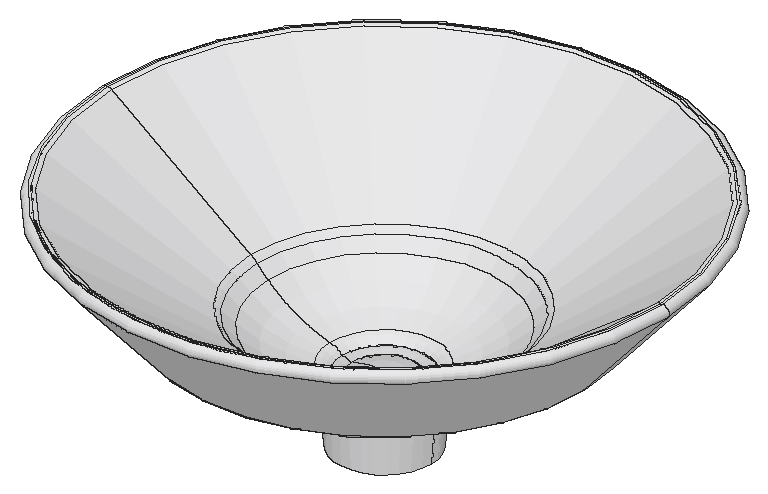
Revit family "Sink-Vessel-Lavatory-KOHLER-Conical_Bell-K-2200LM_2", category Plumbing Fixtures, host Face, Revit 2017
Family settings
  Host = Face
  Round Connector Dimension = Use Diameter
  Part Type = Normal
  OmniClass Number = 23.31.13.00
  OmniClass Title = Sinks
  Cut with Voids When Loaded = No
  Shared = No
  Room Calculation Point = No
Parameters (values of type "Glazed Underside, 0-White")
  Width = 16 7/32"  # constant formula
  WaterSense Certified = 1 = 0  # no
  Waste Water Outlet = "Waste Water Outlet"  # constant formula
  Waste Connection = 1 = 1  # yes
  Vent Connection = 1 = 0  # no
  URL = "https://la.kohler.com/es"
  Type = 1
  Product Page URL = "https://la.kohler.com/en/product-detail/2200lm-g?skuid=K-2200LM-G-0"
  Product Name = "Conical Bell"  # constant formula
  Product Documentation Link = "http://resources.kohler.com/plumbing/kohlerla/pdf/K-2200-G_spec.pdf"
  Model = "K-2200LM-G-0"  # constant formula
  Material = "Vitreous China"  # constant formula
  Master Format 2014 Name = "Residential Lavatories and Sinks"  # constant formula
  Master Format 2014 = "22 41 16"  # constant formula
  Manufacturer Address = "KOHLER Co. 444 Highland Dr.Kohler, WI 53044"  # constant formula
  Manufacturer = "KOHLER Co."  # constant formula
  Length = 16 7/32"  # constant formula
  Hot Water Inlet = "Hot Water Inlet"  # constant formula
  Height = 6 97/256"  # constant formula
  HW Connection = 1 = 0  # no
  Finish = Kohler-Vitreous_China-0-White
  Environmental Product Declaration = ""
  Drain Included = 1 = 0  # no
  Description = "Vessel or wall-mount bathroom sink with glazed underside"  # constant formula
  Default Elevation = 36"
  Declare Label = ""
  Date Modified = "07/06/2020"  # constant formula
  Date Created = "07/06/2020"  # constant formula
  Copyright = "Copyright KOHLER Co."  # constant formula
  Contact Us = "https://la.kohler.com/es/contact-us-page"
  Cold Water Inlet = "Cold Water Inlet"  # constant formula
  CW Connection = 1 = 0  # no
  Assembly Code = "D2010400"
  ADA Compliant = 1 = 1  # yes
Reference planes (in)
  plane 1 "Center (Front/Back)": y = 0
  plane 2: z = 0
  plane 3 "Center (Left/Right)": x = 0
  plane 4: x = -8.11024
  plane 5: x = 8.10851
  plane 6: y = 8.11024
  plane 7: y = -8.10851
  plane 8: z = 2.99213
  plane 9: z = -3.38678
  plane 10: y = 10
Forms (in)
  Extrusion 1, void
    sketch origin (0, 0, 0) x (1, 0, 0) y (0, 1, 0)
      loop
        circle (0, 0) r 4.92126
    from -3.38583 to 0
Dimensions and locks (in)
  "Height": plane 8 to plane 9
  plane 8 to plane 2 = 2.99213"
  "Width": plane 4 to plane 5
  "Length": plane 7 to plane 6
  plane 10 to plane 1 "Center (Front/Back)" = 10"
  aligned and locked: plane 2 to host face
  aligned and locked: level to host face
Automatic sketch dimensions
  host sketch curve to host sketch curve = 96"  (x2)
  plane 1 "Center (Front/Back)" to Extrusion 1 sketch curve = 0"
  Extrusion 1 sketch curve to plane 3 "Center (Left/Right)" = 0"
  radius of Extrusion 1 sketch curve = 4.92126"
Nested families (in)
  nested 1: "K-2200LM" at (0, 0, -3.38583), type "K-2200LM"
Connectors (in)
  piping at (0, 0, -3.38583), diameter 1.25, driven by "Waste Connection", driven by "Waste Water Outlet"
    settings: on nested 1, index 1, connector inside diameter 24", connector length 0", flow factor 0, pipe flow 0 GPM, pressure drop 0.00 psi, fitting loss kfactor 0, connector angle 0.00°, fixture units 0, engagement length 0", angle of deflection 0.00°, flow configuration 0, flow direction 2, fitting loss method 0, system type 16, joint type 0, gender type 0, connector reference index -1, connector utility 1, adjustable connector no, is connector primary yes, connector description "Waste Water Outlet"
Definition of nested family "K-2200LM"
  Parameters (values of type "K-2200LM")
    Material = none
  Reference planes (in)
    plane 1 "Center (Front/Back)": y = 0
    plane 2: z = 0
    plane 3 "Center (Left/Right)": x = 0
    plane 4: y = 8.11024
    plane 5: y = -8.11024
    plane 6: x = 8.11024
    plane 7: x = -8.11024
    plane 8: z = 6.37795
    plane 9: z = 3.38583
  Forms (in)
    Revolve 1, solid, material <- "Material", detail levels medium+fine
      sketch origin (0, 0, 0) x (1, 0, 0) y (0, 0, 1)
        loop
          arc (7.87831, 6.37795) -> (7.8166, 6.36831) -> (7.76078, 6.34032) r 0.20233
          line (7.76078, 6.34032) -> (3.80896, 3.52014)
          arc (3.80896, 3.52014) -> (3.71623, 3.44582) -> (3.63233, 3.36166) r 1.06674
          arc (3.63233, 3.36166) -> (3.48213, 3.20029) -> (3.32511, 3.04555) r 5.11723
          arc (3.32511, 3.04555) -> (2.49955, 2.44484) -> (1.54913, 2.07188) r 4.01342
          arc (1.54913, 2.07188) -> (1.21326, 1.86222) -> (1.06291, 1.49594) r 0.64566
          line (1.06291, 1.49594) -> (1.06291, 0.59055) -> (0, 0.59055) -> (0, 0) -> (1.34493, 0) -> (1.45542, 1.4161)
          arc (1.45542, 1.4161) -> (1.51409, 1.55904) -> (1.64516, 1.64085) r 0.25196
          arc (1.64516, 1.64085) -> (2.77765, 2.10045) -> (3.74037, 2.85341) r 4.40712
          line (3.74037, 2.85341) -> (4.09639, 3.22207)
          arc (4.09639, 3.22207) -> (4.27262, 3.34319) -> (4.48216, 3.38583) r 0.53629
          line (4.48216, 3.38583) -> (5.63666, 3.38583)
          arc (5.63666, 3.38583) -> (5.6812, 3.39541) -> (5.71787, 3.42245) r 0.10834
          line (5.71787, 3.42245) -> (8.06598, 6.08154)
          arc (8.06598, 6.08154) -> (8.09488, 6.27293) -> (7.93229, 6.37795) r 0.17835
          line (7.93229, 6.37795) -> (7.87831, 6.37795)
        axis (0, 6.37795) -> (0, 0)
      angle from 0 to 360
    Revolve 2, solid, detail levels medium+fine
      sketch origin (0, 0, 0) x (1, 0, 0) y (0, 0, 1)
        loop
          line (0, 1.41878) -> (0, 1.93165)
          arc (0, 1.93165) -> (-0.45322, 1.90002) -> (-0.89765, 1.80572) r 3.26224
          arc (-0.89765, 1.80572) -> (-0.90727, 1.79092) -> (-0.89395, 1.77933) r 0.01345
          line (-0.89395, 1.77933) -> (-0.47341, 1.77933) -> (-0.47341, 1.64604) -> (-0.92435, 1.64604) -> (-0.95196, 1.7491)
          arc (-0.95196, 1.7491) -> (-1.06293, 1.83403) -> (-1.19767, 1.8711) r 0.36541
          arc (-1.19767, 1.8711) -> (-1.22863, 1.84821) -> (-1.21046, 1.81426) r 0.02944
          line (-1.21046, 1.81426) -> (-1.05016, 1.75273)
          arc (-1.05016, 1.75273) -> (-1.00292, 1.71648) -> (-0.98304, 1.66034) r 0.10483
          line (-0.98304, 1.66034) -> (-0.97038, 1.41878) -> (0, 1.41878)
        axis (0, 1.93165) -> (0, 1.41878)
      angle from 0 to 360
    Revolve 3, solid, material <- "Material", detail levels coarse
      sketch origin (0, 0, 0) x (1, 0, 0) y (0, 0, 1)
        loop
          line (4.48216, 3.38583) -> (5.68553, 3.38583) -> (8.06479, 6.08019) -> (8.06479, 6.37563) -> (7.82211, 6.37563)
          arc (7.82211, 6.37563) -> (6.15716, 4.99686) -> (4.37078, 3.77953) r 23.13378
          line (4.37078, 3.77953) -> (1.04722, 1.73529)
          arc (1.04722, 1.73529) -> (0.74997, 1.60483) -> (0.42843, 1.56022) r 1.1811
          line (0.42843, 1.56022) -> (0, 1.56022) -> (0, 0) -> (1.34493, 0) -> (1.46428, 1.5296) -> (4.48216, 3.38583)
        axis (0, 6.37563) -> (0, 0)
      angle from 0 to 360
  Lines and regions (in)
    Masking region 1
      outline origin (0, 0, 0) x (1, 0, 0) y (0, 1, 0)
        loop
          circle (0, 0) r 8.11024
    Masking region 2
      outline origin (0, 0, 0) x (1, 0, 0) y (0, 0, 1)
        loop
          line (4.48216, 3.38583) -> (5.63666, 3.38583)
          arc (5.63666, 3.38583) -> (5.6812, 3.39541) -> (5.71787, 3.42245) r 0.10834
          line (5.71787, 3.42245) -> (8.06598, 6.08154)
          arc (8.06598, 6.08154) -> (8.09488, 6.27293) -> (7.93229, 6.37795) r 0.17835
          line (7.93229, 6.37795) -> (-7.93229, 6.37795)
          arc (-7.93229, 6.37795) -> (-8.09488, 6.27293) -> (-8.06598, 6.08154) r 0.17835
          line (-8.06598, 6.08154) -> (-5.71787, 3.42245)
          arc (-5.71787, 3.42245) -> (-5.6812, 3.39541) -> (-5.63666, 3.38583) r 0.10834
          line (-5.63666, 3.38583) -> (-4.48216, 3.38583)
          arc (-4.48216, 3.38583) -> (-4.27262, 3.34319) -> (-4.09639, 3.22207) r 0.53629
          line (-4.09639, 3.22207) -> (-3.74037, 2.85341)
          arc (-3.74037, 2.85341) -> (-2.77765, 2.10045) -> (-1.64516, 1.64085) r 4.40712
          arc (-1.64516, 1.64085) -> (-1.51409, 1.55904) -> (-1.45542, 1.4161) r 0.25196
          line (-1.45542, 1.4161) -> (-1.34493, 0) -> (1.34493, 0) -> (1.45542, 1.4161)
          arc (1.45542, 1.4161) -> (1.51409, 1.55904) -> (1.64516, 1.64085) r 0.25196
          arc (1.64516, 1.64085) -> (2.77765, 2.10045) -> (3.74037, 2.85341) r 4.40712
          line (3.74037, 2.85341) -> (4.09639, 3.22207)
          arc (4.09639, 3.22207) -> (4.27262, 3.34319) -> (4.48216, 3.38583) r 0.53629
    Masking region 3
      outline origin (0, 0, 0) x (0, 1, 0) y (0, 0, 1)
        loop
          arc (-4.48175, 3.38583) -> (-4.27221, 3.34319) -> (-4.09598, 3.22207) r 0.53629
          line (-4.09598, 3.22207) -> (-3.73996, 2.85341)
          arc (-3.73996, 2.85341) -> (-2.77724, 2.10045) -> (-1.64475, 1.64085) r 4.40712
          arc (-1.64475, 1.64085) -> (-1.51368, 1.55904) -> (-1.45501, 1.4161) r 0.25196
          line (-1.45501, 1.4161) -> (-1.34452, 0) -> (1.34535, 0) -> (1.45583, 1.4161)
          arc (1.45583, 1.4161) -> (1.5145, 1.55904) -> (1.64557, 1.64085) r 0.25196
          arc (1.64557, 1.64085) -> (2.77807, 2.10045) -> (3.74079, 2.85341) r 4.40712
          line (3.74079, 2.85341) -> (4.0968, 3.22207)
          arc (4.0968, 3.22207) -> (4.27303, 3.34319) -> (4.48258, 3.38583) r 0.53629
          line (4.48258, 3.38583) -> (5.63707, 3.38583)
          arc (5.63707, 3.38583) -> (5.68162, 3.39541) -> (5.71828, 3.42245) r 0.10834
          line (5.71828, 3.42245) -> (8.0664, 6.08154)
          arc (8.0664, 6.08154) -> (8.09529, 6.27293) -> (7.93271, 6.37795) r 0.17835
          line (7.93271, 6.37795) -> (-7.93188, 6.37795)
          arc (-7.93188, 6.37795) -> (-8.09446, 6.27293) -> (-8.06557, 6.08154) r 0.17835
          line (-8.06557, 6.08154) -> (-5.71746, 3.42245)
          arc (-5.71746, 3.42245) -> (-5.68079, 3.39541) -> (-5.63625, 3.38583) r 0.10834
          line (-5.63625, 3.38583) -> (-4.48175, 3.38583)
    symbolic lines
      curve 1: circle (0, 0, 0) r 7.87402 normal (0, 0, 1)
      curve 4: circle (0, 0, 0) r 1.34493 normal (0, 0, 1)
    symbolic lines, detail levels medium+fine
      curve 2: circle (0, 0, 0) r 4.92126 normal (0, 0, 1)
      curve 3: circle (0, 0, 0) r 1.06291 normal (0, 0, 1)
      curve 5: line (-4.48216, 0, 3.38583) -> (4.48216, 0, 3.38583)
      curve 6: line (0, 4.48258, 3.38583) -> (0, -4.48175, 3.38583)
      curve 7: arc (0, -1.64475, 1.64085) -> (0, 0.00041, 1.41878) -> (0, 1.64557, 1.64085) r 6.2048
      curve 8: arc (-1.64516, 0, 1.64085) -> (0, 0, 1.41878) -> (1.64516, 0, 1.64085) r 6.2048
  Dimensions and locks (in)
    plane 5 to plane 4 = 16.22047"
    plane 8 to plane 2 = 6.37795"
    plane 8 to plane 9 = 2.99213"
    aligned and locked: plane 2 to level
